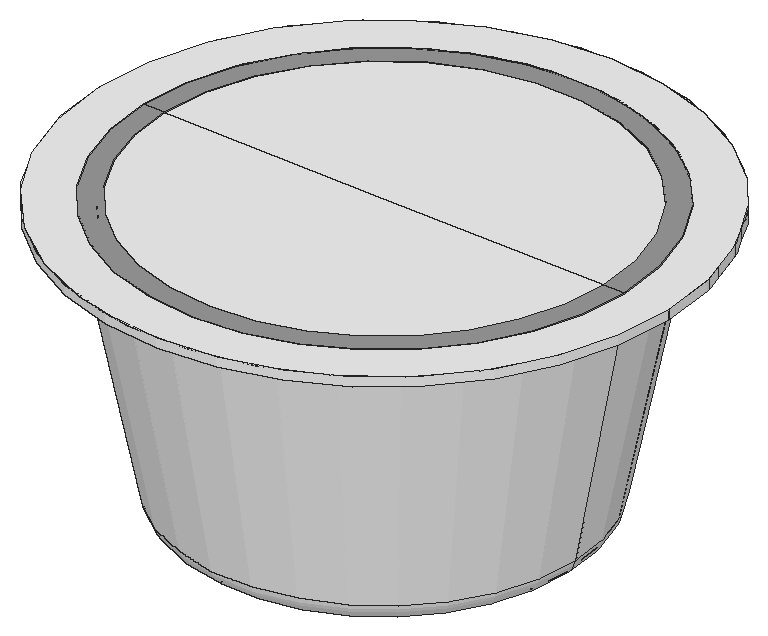
Revit family "2060702", category Lighting Fixtures, host Face, Revit 2018
Family settings
  Host = Face
  Round Connector Dimension = Use Diameter
  Part Type = Normal
  OmniClass Number = 23.80.70.11.17
  OmniClass Title = Specialized Lighting by Location or Use
  Cut with Voids When Loaded = No
  Light Source = Yes
  Shared = No
  Room Calculation Point = No
Parameters (values of type "2060702 ASC100 II ARCH 2550 3K IP65 DALI 160")
  WidthBezelAcc_SYL = 25.0 mm
  Weight = "n/a"
  Wattage = 7 W
  WarrantyStartDate [instance] = "n/a"
  WarrantyGuarantorParts = "n/a"
  WarrantyDurationUnit = "n/a"
  WarrantyDurationParts = ""
  WarrantyDescription = "http://www.sylvania-lighting.com"
  built-in parameter 1150110 = 1 (stored number, unit not read)
  Voltage = 0 V
  VisibilityAccessory_SYL = no
  TypeName = "ASCENT 100 II ARCH 2550 3K IP65 DALI 160"
  built-in parameter 1114217 = 1 (stored number, unit not read)
  Tilt Angle = -90°
  built-in parameter 1150109 = 1 (stored number, unit not read)
  built-in parameter 1150134 = (empty or 0)
  built-in parameter 1150113 = 1 (stored number, unit not read)
  SerialNumber [instance] = "n/a"
  ReflectorRadius_SYL = Radius_SYL - 14.5 mm  # 80.0 mm
  RadiusAcc_SYL = 104.5 mm
  Radius_SYL = 94.5 mm
  URL = "0.95"
  PowerFactor = 0
  PowerConsumption = "Lighting"
  Photometric Web File = "2060702.ies"
  NominalWidth = 0.0 mm
  NominalLength = 209.0 mm
  NominalHeight = 94.0 mm
  Name = "ASCENT 100 II ARCH 2550 3K IP65 DALI 160"
  ModelReference = "ASCENT 100 II ARCH 2550 3K IP65 DALI 160"
  ModelNumber = "2060702"
  Material_4_SYL = none
  Material_3_SYL = Polycarbonate_Sylvania_Ascent_Opal
  Material_2_SYL = Aluminium_Sylvania_Ascent_Silver
  Material_1_SYL = Aluminum_Sylvania_Ascent_White
  Material = "Feilo Sylvania"
  ManufacturerName = "121 lm/W"
  LuminousEfficacy = ""
  built-in parameter 1150105 = 76.872 (stored number, unit not read)
  Lumens = 966 lm
  LuminaireType = "0"
  built-in parameter 1150115 = 1 (stored number, unit not read)
  LightOutputRatio = "LED"
  built-in parameter 1150137 = (empty or 0)
  built-in parameter 1150139 = (empty or 0)
  LampsType = Lamp  # "n/a"
  LampNominalLuminous = "3000 K"
  LampMacAdamStep = "80"
  LampColourTemperature = "LED"
  LampColourRenderingIndex = "16500"
  built-in parameter 1150112 = 1 (stored number, unit not read)
  built-in parameter 1150114 = 1 (stored number, unit not read)
  Keynote = "n/a"
  InstallationDate [instance] = "n/a"
  InputVoltage = "0"
  InputNominalFrequency = "3000"
  built-in parameter 1150132 = (empty or 0)
  built-in parameter 1150102 = (empty or 0)
  built-in parameter 1150107 = 3000 (stored number, unit not read)
  built-in parameter 1150138 = (empty or 0)
  IngressProtection = "IfcLightFixtureType"
  ImpactProtectionIndex = "IfcLightFixtureType"
  built-in parameter 1150106 = 0.76872 (stored number, unit not read)
  IfcExportType = "IfcLightFixtureType"
  IfcExportAs = "Class II"
  HeightAcc_SYL = 7.0 mm
  Height = 96.0 mm
  ExpectedLife = 50000
  EmittionSurface_SYL = if(VisibilityAccessory_SYL, 7.0 mm, 3.0 mm)  # 3.0 mm
  Emit from Circle Diameter = DiffuserRadius_SYL * 2  # 146.0 mm
  Emit Shape Visible in Rendering = no
  ElectricShockClassification = "121"
  built-in parameter 1150104 = 12.821 (stored number, unit not read)
  DurationUnit = "hours"
  DocumentationLiterature = "http://www.sylvania-lighting.com/product/en-int/products/2060702"
  DimmingControlOptions = "n/a"
  Dimming Lamp Color Temperature Shift = <None>
  DiffuserRadius_SYL = ReflectorRadius_SYL - 7.0 mm  # 73.0 mm
  Diameter_SYL = 2 * Radius_SYL  # 189.0 mm
  CutoutDiameter_SYL = Diameter_SYL - 13.0 mm  # 176.0 mm
  CreatedOn = "08/06/2021"
  CreatedBy = "@sylvania-lighting.com"
  Color Filter = 16777215
  built-in parameter 1114216 [instance] = 1 (stored number, unit not read)
  Model = "ASCENT 100 II ARCH 2550 3K IP65 DALI 160"
  Manufacturer = ""
  Lamp = "n/a"
  Description = "Direct LED retro fit for original LED 100 Arch (160) single CFL lamp offering Matching lumen levels and improved light distribution of original LED 100 CFL lamp equivalents Typically half the power consumption compared to CFL Up to 112lm/W 160mm aperture Architectural reflector accepts range of glass accessories from existing LED 100 Arch 160 offering HE, HO and VHO versions equivalent of single 1 x 18W, 1 x 32W, 1 x 42W\r\n Additional VVHO versions which offer the performance circa 2 x 32W equivalent"  # constant formula
  Default Elevation = 0.0 mm
  built-in parameter 1140040 [instance] = 1
  BarCode [instance] = "n/a"
  built-in parameter 1114218 = 1 (stored number, unit not read)
  built-in parameter 1150133 = 10 (stored number, unit not read)
  AssetType = "Fixed"
  AssetIdentifier [instance] = "n/a"
  Assembly Code = "D5020200"
  Apparent Load = 21 VA
  Aperture_SYL = 2 * ReflectorRadius_SYL  # 160.0 mm
Reference planes
  plane 1 "Center (Front/Back)": y = 0
  plane 2: z = 0
  plane 3 "Center (Left/Right)": x = 0
  plane 4 "Fixture Bottom": z = 3
  plane 5: z = -52.5
  plane 6 "Fixture Top": z = -89
  plane 7: x = -104.5
  plane 8: z = 7
  plane 9: x = -79.5
  plane 10: z = 5
  plane 11: x = -102.5
Forms (mm)
  Extrusion 1, solid, material "Aluminum_Sylvania_Ascent_White", detail levels fine
    sketch origin (0, 0, 0) x (1, 0, 0) y (0, 1, 0)
      loop
        circle (0, 0) r 94.5
      loop
        circle (0, 0) r 80
    from 0 to 3
  Extrusion 2, void
    sketch origin (0, 0, 0) x (1, 0, 0) y (0, 1, 0)
      loop
        circle (0, 0) r 88
    from -89 to 3
  Revolve 3, solid, material "Aluminum_Sylvania_Ascent_White" <- "Material_1_SYL", detail levels fine
    sketch origin (0, 0, 0) x (1, 0, 0) y (0, 0, 1)
      loop
        line (0, -89.073) -> (0, -87.023) -> (-55.468, -87.014)
        arc (-55.468, -87.014) -> (-59.352, -85.613) -> (-61.54, -82.139) r 6.307
        line (-61.54, -82.139) -> (-77.991, -2.838) -> (-77.991, 0) -> (-80, 0) -> (-80, -3) -> (-63.5, -82.536)
        arc (-63.5, -82.536) -> (-60.643, -87.203) -> (-55.5, -89.073) r 8.291
        line (-55.5, -89.073) -> (0, -89.073)
      axis (0, 0) -> (0, -89.073)
    angle from 0 to 360
  Revolve 4, solid, material "Aluminium_Sylvania_Ascent_Silver" <- "Material_2_SYL", detail levels fine
    sketch origin (0, 0, 0) x (1, 0, 0) y (0, 0, 1)
      loop
        line (-80, 3) -> (-80, 0) -> (-75, 0)
        arc (-75, 0) -> (-72.349, -26.77) -> (-64.5, -52.5) r 136.5
        line (-64.5, -52.5) -> (-58, -52.5)
        arc (-58, -52.5) -> (-56.857, -61.521) -> (-53.5, -69.971) r 36.166
        line (-53.5, -69.971) -> (0, -69.971) -> (0, -50.5) -> (-63.16, -50.5)
        arc (-63.16, -50.5) -> (-70.517, -25.725) -> (-73, 0) r 134.5
        line (-73, 0) -> (-73, 3) -> (-80, 3)
      axis (0, 3) -> (0, -69.971)
    angle from 0 to 360
  Revolve 5, solid, material "Aluminum_Sylvania_Ascent_White" <- "Material_1_SYL", detail levels medium+fine
    sketch origin (0, 0, 0) x (1, 0, 0) y (0, 0, 1)
      loop
        line (0, -89.073) -> (0, 3) -> (-94.5, 3) -> (-94.5, 0) -> (-79.5, 0) -> (-79.5, -3) -> (-63, -82.536)
        arc (-63, -82.536) -> (-60.143, -87.203) -> (-55, -89.073) r 8.291
        line (-55, -89.073) -> (0, -89.073)
      axis (0, 3) -> (0, -89.073)
    angle from 0 to 360
  Revolve 6, solid, material "Aluminum_Sylvania_Ascent_White" <- "Material_1_SYL", visible <- "VisibilityAccessory_SYL", detail levels medium+fine
    sketch origin (0, 0, 0) x (1, 0, 0) y (0, 0, 1)
      loop
        line (-104.5, 0) -> (-102.5, 0) -> (-102.5, 5) -> (-79.5, 5) -> (-79.5, 7) -> (-104.5, 7) -> (-104.5, 0)
      axis (0, 7) -> (0, 0)
    angle from 0 to 360
  Extrusion 7, solid, detail levels coarse
    sketch origin (0, 0, 0) x (1, 0, 0) y (0, 0, 1)
      loop
        line (104.421, 7) -> (-104.5, 7) -> (-104.5, -89) -> (104.421, -89) -> (104.421, 7)
    from -104.368 to 104.563
Lines and regions (mm)
  reference lines
    curve 1: line (-149.5, 0, 3) -> (125, 0, 3)
Dimensions and locks
  locked: plane 4 "Fixture Bottom" to plane 2 at 3
  "ReflectorRadius_SYL": plane 3 "Center (Left/Right)" to Revolve 4 sketch curve
  locked: Revolve 4 sketch curve to Revolve 4 sketch curve at 15.5
  locked: Revolve 4 sketch curve to Revolve 4 sketch curve at 5
  locked: Revolve 4 sketch curve to Revolve 4 sketch curve at 7
  locked: Revolve 4 sketch curve to Revolve 4 sketch curve at 22
  locked: Revolve 4 sketch curve to Revolve 4 sketch curve at 26.5
  locked: Revolve 3 sketch curve to Revolve 3 sketch curve at 16.5
  locked: Revolve 3 sketch curve to Revolve 3 sketch curve at 24.5
  "ReflectorRadius_SYL": Revolve 3 sketch curve to plane 3 "Center (Left/Right)"
  locked: Revolve 3 sketch curve to plane 6 "Fixture Top" at 6.464
  locked: plane 2 to Revolve 3 sketch curve at 3
  locked: Revolve 3 sketch curve to Revolve 3 sketch curve at 2
  locked: Revolve 3 sketch curve to Revolve 3 sketch curve at 2.009
  locked: plane 2 to plane 5 at 52.5
  locked: Revolve 5 sketch curve to Revolve 5 sketch curve at 31.5
  locked: Revolve 5 sketch curve to Revolve 5 sketch curve at 39.5
  locked: Revolve 5 sketch curve to Revolve 5 sketch curve at 15
  "Radius_SYL": plane 3 "Center (Left/Right)" to Revolve 5 sketch curve
  "RadiusAcc_SYL": plane 3 "Center (Left/Right)" to plane 7
  "HeightAcc_SYL": plane 8 to level
  locked: plane 7 to plane 11 at 2
  locked: plane 8 to plane 10 at 2
  "Height": plane 6 "Fixture Top" to plane 8
  "CutoutDiameter_SYL": diameter of Extrusion 2 sketch curve
  "ReflectorRadius_SYL": radius of Extrusion 1 sketch curve
  "Radius_SYL": radius of Extrusion 1 sketch curve
  aligned and locked: host face to plane 2
  aligned and locked: host face to level
  aligned and locked: plane 4 "Fixture Bottom" to Extrusion 1
  aligned and locked: Extrusion 1 to plane 2
  aligned and locked: Revolve 3 sketch curve to plane 3 "Center (Left/Right)"
  aligned and locked: Revolve 4 sketch curve to plane 3 "Center (Left/Right)"  (x2)
  aligned and locked: plane 4 "Fixture Bottom" to Revolve 4 sketch curve
  aligned and locked: plane 2 to Revolve 3 sketch curve  (x2)
  aligned and locked: Revolve 5 sketch curve to plane 3 "Center (Left/Right)"
  aligned and locked: plane 6 "Fixture Top" to Extrusion 2
  aligned and locked: Revolve 6 sketch curve to plane 3 "Center (Left/Right)"
  aligned and locked: host face to Revolve 6 sketch curve  (x2)
  aligned and locked: Revolve 6 sketch curve to plane 7
  aligned and locked: plane 8 to Revolve 6 sketch curve
  aligned and locked: plane 9 to Revolve 6 sketch curve
  aligned and locked: Revolve 6 sketch curve to plane 10
  aligned and locked: plane 11 to Revolve 6 sketch curve
  aligned and locked: plane 3 "Center (Left/Right)" to imposter light
  aligned and locked: imposter light to plane 1 "Center (Front/Back)"
  aligned and locked: imposter light to curve 1
Automatic sketch dimensions
  plane 1 "Center (Front/Back)" to Extrusion 2 sketch curve = 0.0 mm
  Extrusion 2 sketch curve to plane 3 "Center (Left/Right)" = 0.0 mm
  Extrusion 1 sketch curve to Extrusion 1 sketch curve = 0.0 mm  (x2)
  plane 1 "Center (Front/Back)" to Extrusion 1 sketch curve = 0.0 mm
  Extrusion 1 sketch curve to plane 3 "Center (Left/Right)" = 0.0 mm
  plane 6 "Fixture Top" to Revolve 3 sketch curve = 0.073 mm
  Revolve 3 sketch curve to plane 6 "Fixture Top" = 6.861 mm
  Revolve 3 sketch curve to Revolve 3 sketch curve = 0.003 mm
  Revolve 3 sketch curve to Revolve 3 sketch curve = 0.009 mm  (x2)
  Revolve 3 sketch curve to Revolve 3 sketch curve = 0.023 mm
  Revolve 3 sketch curve to Revolve 3 sketch curve = 0.072 mm
  Revolve 3 sketch curve to Revolve 3 sketch curve = 0.008 mm
  Revolve 3 sketch curve to plane 6 "Fixture Top" = 1.977 mm
  Revolve 3 sketch curve to Revolve 3 sketch curve = 33.496 mm
  Revolve 3 sketch curve to Revolve 3 sketch curve = 0.028 mm
  plane 4 "Fixture Bottom" to Revolve 3 sketch curve = 82.431 mm
  Revolve 4 sketch curve to Revolve 4 sketch curve = 0.0 mm  (x2)
  Revolve 4 sketch curve to plane 5 = 0.0 mm
  Revolve 4 sketch curve to level = 0.0 mm
  plane 5 to Revolve 4 sketch curve = 2.0 mm
  plane 4 "Fixture Bottom" to Revolve 4 sketch curve = 9.642 mm
  Revolve 4 sketch curve to level = 69.971 mm
  Revolve 4 sketch curve to Revolve 4 sketch curve = 2.387 mm
  Revolve 5 sketch curve to level = 0.0 mm
  Revolve 5 sketch curve to plane 3 "Center (Left/Right)" = 0.0 mm
  Revolve 5 sketch curve to Revolve 5 sketch curve = 8.104 mm
  Revolve 5 sketch curve to level = 3.0 mm
  Revolve 5 sketch curve to plane 6 "Fixture Top" = 6.464 mm
  plane 6 "Fixture Top" to Revolve 5 sketch curve = 0.073 mm
  Revolve 5 sketch curve to Revolve 5 sketch curve = 33.496 mm
  plane 4 "Fixture Bottom" to Revolve 5 sketch curve = 82.431 mm
  host sketch curve to host sketch curve = 1704.996 mm
  host sketch curve to host sketch curve = 1500.0 mm
  plane 6 "Fixture Top" to Revolve 6 sketch curve = 281.274 mm
  Revolve 6 sketch curve to plane 8 = 1140.706 mm
  Revolve 3 sketch curve to plane 3 "Center (Left/Right)" = 0.0 mm
  Revolve 5 sketch curve to plane 4 "Fixture Bottom" = 0.0 mm
  plane 7 to curve 1 = 45.0 mm
  plane 3 "Center (Left/Right)" to curve 1 = 125.0 mm
  curve 1 to plane 4 "Fixture Bottom" = 0.0 mm
  plane 7 to Extrusion 7 sketch curve = 0.0 mm
  Extrusion 7 sketch curve to plane 6 "Fixture Top" = 0.0 mm
  Extrusion 7 sketch curve to plane 8 = 0.0 mm
  plane 3 "Center (Left/Right)" to Extrusion 7 sketch curve = 104.421 mm
Connectors
  electrical at (0, 0, -89.073), driven by "Apparent Load"
    settings: on Revolve 3, index 1, voltage 240 V, apparent load 0 VA, apparent load phase1 21 VA, apparent load phase2 0 VA, apparent load phase3 0 VA, power factor 1, load classification "Lighting", number of poles 1, system type 31, power factor state 1, is connector primary yes, connector utility no, sub classification motor no, connector description ""
